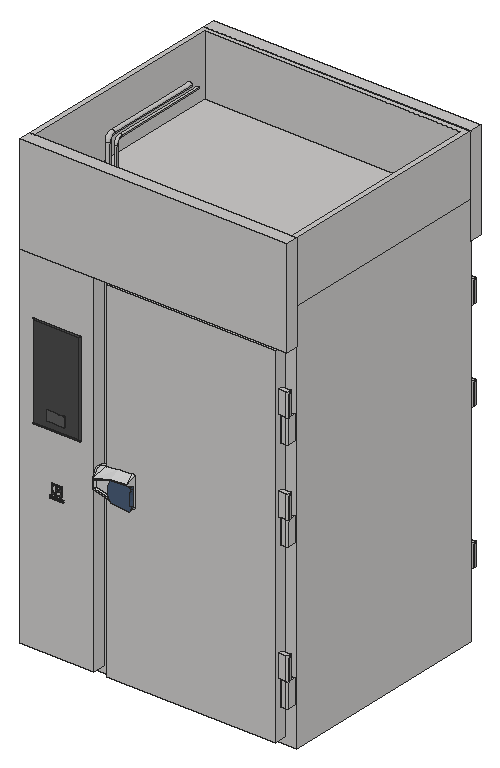
Revit family "QF_ELECTROLUXPROFESSIONAL_727749_EBFA22RPE", category Specialty Equipment, Revit 2018 (continued)
Automatic sketch dimensions
  curve 79 to plane 3 "RIGHT" = 25 mm
  plane 3 "RIGHT" to curve 74 = 39 mm
  plane 3 "RIGHT" to curve 43 = 39 mm
  plane 3 "RIGHT" to curve 71 = 50 mm
  curve 42 to curve 40 = 11 mm
  curve 74 to curve 76 = 21 mm
  curve 42 to curve 44 = 21 mm
  curve 39 to plane 7 = 23 mm
  curve 47 to plane 7 = 57 mm
  curve 47 to curve 45 = 52.711 mm
  curve 45 to curve 41 = 95.289 mm
  curve 42 to curve 42 = 23.874 mm
  curve 42 to curve 44 = 1.937 mm
  curve 37 to curve 38 = 10 mm
  curve 36 to curve 35 = 20 mm
  curve 48 to plane 4 "FRONT" = 26.348 mm
  curve 12 to plane 4 "FRONT" = 313.032 mm
  curve 11 to curve 5 = 4.241 mm
  curve 5 to curve 4 = 0.785 mm
  curve 10 to curve 10 = 10 mm
  curve 16 to curve 15 = 4.974 mm
  curve 6 to plane 9 = 232 mm
  curve 5 to curve 4 = 0.032 mm
  plane 8 "BACK" to curve 25 = 93.807 mm
  curve 25 to curve 21 = 27.807 mm
  plane 8 "BACK" to curve 67 = 26.348 mm
  curve 64 to curve 61 = 10 mm
  curve 66 to curve 65 = 10 mm
  curve 76 to plane 8 "BACK" = 719.189 mm
  curve 75 to curve 75 = 1.937 mm
  curve 74 to curve 72 = 23.874 mm
  curve 72 to curve 77 = 95.289 mm
  curve 77 to curve 79 = 52.711 mm
  curve 78 to curve 71 = 34 mm
  curve 71 to curve 71 = 23 mm
  curve 30 to curve 29 = 8 mm
  curve 29 to curve 31 = 8 mm
  curve 32 to curve 32 = 23 mm
  curve 60 to curve 60 = 23 mm
  plane 8 "BACK" to curve 2 = 0.759 mm
  plane 3 "RIGHT" to curve 2 = 100 mm
  curve 2 to plane 4 "FRONT" = 0.759 mm
  curve 48 to curve 28 = 39.652 mm
  curve 4 to curve 20 = 19.974 mm
  curve 78 to curve 68 = 0 mm
  Extrusion 32 to Extrusion 12 sketch curve = 50.191 mm
  Extrusion 32 to Extrusion 12 sketch curve = 190.294 mm
  radius of Extrusion 13 sketch curve = 12.7 mm
  radius of Sweep 14 sketch curve = 11 mm
  radius of Sweep 15 sketch curve = 6 mm
  radius of Blend 17 sketch curve to Extrusion 11 = 0 mm  (x3)
  radius of Blend 18 sketch curve to Blend 17 = 5 mm  (x3)
  radius of Blend 18 sketch curve to Blend 17 = 10 mm  (x3)
  radius of Blend 18 to Blend 19 sketch curve = 10 mm  (x2)
  radius of Blend 19 sketch curve to Blend 18 = 0 mm  (x2)
  radius of Blend 26 sketch curve to Extrusion 25 = 0 mm  (x3)
  radius of Blend 27 sketch curve to Blend 26 = 5 mm  (x3)
  radius of Blend 27 sketch curve to Blend 26 = 10 mm  (x3)
  radius of Blend 27 to Blend 28 sketch curve = 10 mm  (x2)
  radius of Blend 28 sketch curve to Blend 27 = 0 mm  (x2)
  radius of Blend 35 sketch curve to Extrusion 34 = 0 mm  (x3)
  radius of Blend 36 sketch curve to Blend 35 = 5 mm  (x3)
  radius of Blend 36 sketch curve to Blend 35 = 10 mm  (x3)
  radius of Blend 36 to Blend 37 sketch curve = 10 mm  (x2)
  radius of Blend 37 sketch curve to Blend 36 = 0 mm  (x2)
  radius of Blend 42 sketch curve to Extrusion 41 = 0 mm  (x3)
  radius of Blend 43 sketch curve to Blend 42 = 5 mm  (x3)
  radius of Blend 43 sketch curve to Blend 42 = 10 mm  (x3)
  radius of Blend 43 to Blend 44 sketch curve = 10 mm  (x2)
  radius of Blend 44 sketch curve to Blend 43 = 0 mm  (x2)
  radius of Extrusion 12 sketch curve = 10 mm
Nested families
  nested 1: "ELX_Touch" at (194.5, -1205, 1338.103) x (1, 0, 0) z (0, -1, 0), type "ELX_Touch"
  nested 2: "ELX_Logo_S_New" at (194.5, -1205, 779.103) x (1, 0, 0) z (0, -1, 0), visible <- "Show Logo", type "ELX_Logo_S_New"
    with M QF_Finishes_Black
  nested 3: "ELX_Logo_Symbol" at (194.5, -1205, 819.103) x (1, 0, 0) z (0, -1, 0), visible <- "Show Logo", type "ELX_Logo_Symbol"
    with M QF_Finishes_Black
Connectors
  piping at (271, -895, 110), diameter 25.4
    settings: on Extrusion 13, index 5, connector inside diameter 24", connector length 0 mm, flow factor 0, pipe flow 0 GPM, pressure drop 0.00 psi, fitting loss kfactor 0, connector angle 0.00°, fixture units 0, engagement length 0 mm, angle of deflection 0.00°, flow configuration 1, flow direction 2, fitting loss method 0, system type 16, joint type 0, gender type 0, connector reference index -1, connector utility 0, adjustable connector no, is connector primary yes, connector description "Drain"
  electrical at (50.191, 65, 2209.706), driven by "Volts"
    settings: on Extrusion 12, index 6, voltage 380 V, apparent load 0 VA, apparent load phase1 0 VA, apparent load phase2 0 VA, apparent load phase3 0 VA, power factor 1, load classification "Altro", number of poles 1, system type 30, power factor state 1, is connector primary yes, connector utility no, sub classification motor no, connector description "Electrical Connection"
  piping at (239, -337, 2344), diameter 12
    settings: on Sweep 15, index 7, connector inside diameter 24", connector length 0 mm, flow factor 0, pipe flow 0 GPM, pressure drop 0.00 psi, fitting loss kfactor 0, connector angle 0.00°, fixture units 0, engagement length 0 mm, angle of deflection 0.00°, flow configuration 1, flow direction 1, fitting loss method 0, system type 8, joint type 0, gender type 0, connector reference index -1, connector utility 0, adjustable connector no, is connector primary no, connector description "Refrigerant Outlet"
  piping at (196, -337, 2344), diameter 22
    settings: on Sweep 14, index 8, connector inside diameter 24", connector length 0 mm, flow factor 0, pipe flow 0 GPM, pressure drop 0.00 psi, fitting loss kfactor 0, connector angle 0.00°, fixture units 0, engagement length 0 mm, angle of deflection 0.00°, flow configuration 1, flow direction 1, fitting loss method 0, system type 7, joint type 0, gender type 0, connector reference index -1, connector utility 0, adjustable connector no, is connector primary no, connector description "Refrigerant Inlet"
Definition of nested family "ELX_Touch"
  Parameters
    Default Elevation = 1219.2 mm
  Reference planes
    plane 1 "Centro (Fronte/Retro)": y = 0
    plane 2: z = 0
    plane 3 "Centro (Sinistra/Destra)": x = 0
  Forms (mm)
    Extrusion 1, solid
      sketch origin (0, 0, 0) x (1, 0, 0) y (0, 1, 0)
        loop
          line (-1219.2, 1219.2) -> (-1219.2, -1219.2) -> (1219.2, -1219.2) -> (1219.2, 1219.2) -> (-1219.2, 1219.2)
      from 0 to -304.8
    Extrusion 2, solid
      sketch origin (0, 0, 5) x (1, 0, 0) y (0, 1, 0)
        loop
          line (-47, -160) -> (-47, -202)
          arc (-47, -202) -> (-45.536, -205.535) -> (-42, -207) r 5
          line (-42, -207) -> (42, -207)
          arc (42, -207) -> (45.536, -205.535) -> (47, -202) r 5
          line (47, -202) -> (47, -160)
          arc (47, -160) -> (45.536, -156.465) -> (42, -155) r 5
          line (42, -155) -> (-42, -155)
          arc (-42, -155) -> (-45.536, -156.465) -> (-47, -160) r 5
      from 0 to 2
    Blend 3, solid
      base sketch origin (0, 0, 0) x (1, 0, 0) y (0, 1, 0)
        loop
          line (-127, 244) -> (-127, -244)
          arc (-127, -244) -> (-125.536, -247.536) -> (-122, -249) r 5
          line (-122, -249) -> (122, -249)
          arc (122, -249) -> (125.536, -247.536) -> (127, -244) r 5
          line (127, -244) -> (127, 244)
          arc (127, 244) -> (125.536, 247.536) -> (122, 249) r 5
          line (122, 249) -> (-122, 249)
          arc (-122, 249) -> (-125.536, 247.536) -> (-127, 244) r 5
      top sketch origin (0, 0, 0) x (1, 0, 0) y (0, 1, 0)
        loop
          line (-119, -241) -> (119, -241) -> (119, 241) -> (-119, 241) -> (-119, -241)
      from 0 to 5
  Lines and regions (mm)
    Split face 1
      outline origin (0, 0, 5) x (1, 0, 0) y (0, 1, 0)
        loop
          line (-70.506, 46.167) -> (70.506, 46.167) -> (70.506, 214.829) -> (-70.506, 214.829) -> (-70.506, 46.167)
    Split face 2
      outline origin (0, 0, 5) x (1, 0, 0) y (0, 1, 0)
        loop
          line (-47.467, 50.825) -> (47.467, 50.825) -> (47.467, 210.171) -> (-47.467, 210.171) -> (-47.467, 50.825)
    Split face 3
      outline origin (0, 0, 5) x (1, 0, 0) y (0, 1, 0)
        loop
          line (-70.521, -215.33) -> (70.521, -215.33) -> (70.521, -146.67) -> (-70.521, -146.67) -> (-70.521, -215.33)
    Split face 4
      outline origin (0, 0, 5) x (1, 0, 0) y (0, 1, 0)
        loop
          line (-119, 201.163) -> (-70.506, 201.163)
        loop
          line (70.506, 201.163) -> (119, 201.163)
        loop
          line (70.521, -200.849) -> (119, -200.849)
        loop
          line (-119, -200.849) -> (-70.521, -200.849)
  Dimensions and locks
    aligned and locked: plane 2 to Extrusion 1
    aligned and locked: level to Extrusion 1
Definition of nested family "ELX_Logo_S_New"
  Parameters
    Default Elevation = 0 mm
    M [instance] = none
  Reference planes
    plane 1 "Centro (Fronte/Retro)": y = 0
    plane 2: z = 0
    plane 3 "Centro (Sinistra/Destra)": x = 0
  Forms (mm)
    Extrusion 1, solid
      sketch origin (0, 0, 0) x (1, 0, 0) y (0, 1, 0)
        loop
          line (-1219.2, 1219.2) -> (-1219.2, -1219.2) -> (1219.2, -1219.2) -> (1219.2, 1219.2) -> (-1219.2, 1219.2)
      from 0 to -304.8
    Extrusion 2, solid, material <- "M"
      sketch origin (0, 0, 0) x (1, 0, 0) y (0, 1, 0)
        loop
          spline (-32.537, -4.135) -> (-32.702, -4.128) -> (-32.877, -4.105) -> (-33.059, -4.064) -> (-33.242, -4.002) -> (-33.422, -3.916) -> (-33.593, -3.803) -> (-33.751, -3.66) -> (-33.891, -3.486) -> (-34.008, -3.276) -> (-34.098, -3.029) -> (-34.155, -2.741) -> (-34.176, -2.41)
          line (-34.176, -2.41) -> (-34.176, -0.943) -> (-29.331, -0.943) -> (-29.331, 0.928) -> (-34.176, 0.928) -> (-34.176, 3.652) -> (-29.023, 3.652) -> (-29.023, 5.518) -> (-36.159, 5.518) -> (-36.159, -2.326)
          spline (-36.159, -2.326) -> (-36.142, -2.808) -> (-36.088, -3.263) -> (-35.996, -3.688) -> (-35.867, -4.083) -> (-35.698, -4.445) -> (-35.489, -4.773) -> (-35.239, -5.066) -> (-34.946, -5.322) -> (-34.61, -5.539) -> (-34.23, -5.716) -> (-33.804, -5.851) -> (-33.332, -5.943)
          line (-33.332, -5.943) -> (-32.554, -5.999) -> (-28.885, -5.999) -> (-28.885, -4.135) -> (-32.537, -4.135)
        loop
          line (-27.476, 0.076) -> (-27.476, -6.002) -> (-25.492, -6.002) -> (-25.492, 5.521) -> (-27.476, 5.521) -> (-27.476, 0.076)
        loop
          spline (-15.702, -2.321) -> (-15.689, -1.697) -> (-15.749, -1.094) -> (-15.879, -0.516) -> (-16.078, 0.029) -> (-16.341, 0.538) -> (-16.668, 1.004) -> (-17.055, 1.422) -> (-17.5, 1.786) -> (-17.999, 2.091) -> (-18.552, 2.331) -> (-19.154, 2.5) -> (-19.804, 2.594)
          spline (-19.804, 2.594) -> (-20.422, 2.558) -> (-21.009, 2.453) -> (-21.56, 2.28) -> (-22.072, 2.042) -> (-22.54, 1.743) -> (-22.96, 1.385) -> (-23.327, 0.97) -> (-23.638, 0.502) -> (-23.887, -0.018) -> (-24.07, -0.586) -> (-24.183, -1.2) -> (-24.222, -1.857)
          spline (-24.222, -1.857) -> (-24.184, -2.498) -> (-24.074, -3.097) -> (-23.895, -3.652) -> (-23.651, -4.16) -> (-23.344, -4.618) -> (-22.979, -5.023) -> (-22.559, -5.374) -> (-22.087, -5.667) -> (-21.567, -5.899) -> (-21.003, -6.068) -> (-20.397, -6.172) -> (-19.754, -6.207)
          spline (-19.754, -6.207) -> (-19.44, -6.2) -> (-19.13, -6.176) -> (-18.823, -6.135) -> (-18.52, -6.074) -> (-18.221, -5.993) -> (-17.925, -5.89) -> (-17.634, -5.762) -> (-17.346, -5.609) -> (-17.062, -5.43) -> (-16.782, -5.221) -> (-16.506, -4.983) -> (-16.234, -4.713)
          line (-16.234, -4.713) -> (-17.429, -3.55)
          spline (-17.429, -3.55) -> (-17.587, -3.702) -> (-17.745, -3.841) -> (-17.906, -3.967) -> (-18.07, -4.08) -> (-18.239, -4.181) -> (-18.415, -4.268) -> (-18.599, -4.343) -> (-18.792, -4.404) -> (-18.996, -4.452) -> (-19.213, -4.486) -> (-19.443, -4.506) -> (-19.688, -4.513)
          spline (-19.688, -4.513) -> (-20.047, -4.496) -> (-20.383, -4.443) -> (-20.696, -4.358) -> (-20.984, -4.24) -> (-21.246, -4.092) -> (-21.479, -3.915) -> (-21.683, -3.711) -> (-21.856, -3.48) -> (-21.997, -3.224) -> (-22.104, -2.945) -> (-22.176, -2.643) -> (-22.212, -2.321)
          line (-22.212, -2.321) -> (-15.702, -2.321)
        loop
          spline (-17.695, -0.926) -> (-17.714, -0.681) -> (-17.771, -0.445) -> (-17.861, -0.221) -> (-17.984, -0.01) -> (-18.135, 0.184) -> (-18.314, 0.36) -> (-18.516, 0.516) -> (-18.741, 0.648) -> (-18.984, 0.755) -> (-19.244, 0.834) -> (-19.518, 0.883) -> (-19.804, 0.9)
          spline (-19.804, 0.9) -> (-20.11, 0.884) -> (-20.405, 0.835) -> (-20.686, 0.757) -> (-20.95, 0.652) -> (-21.195, 0.521) -> (-21.419, 0.367) -> (-21.618, 0.192) -> (-21.79, -0.003) -> (-21.934, -0.214) -> (-22.045, -0.439) -> (-22.122, -0.678) -> (-22.162, -0.926)
          line (-22.162, -0.926) -> (-17.695, -0.926)
        loop
          spline (-12.669, -1.807) -> (-12.646, -1.438) -> (-12.58, -1.088) -> (-12.472, -0.759) -> (-12.326, -0.455) -> (-12.145, -0.177) -> (-11.93, 0.072) -> (-11.685, 0.289) -> (-11.412, 0.473) -> (-11.114, 0.62) -> (-10.793, 0.728) -> (-10.453, 0.794) -> (-10.095, 0.817)
          spline (-10.095, 0.817) -> (-9.876, 0.81) -> (-9.665, 0.79) -> (-9.464, 0.756) -> (-9.271, 0.709) -> (-9.086, 0.65) -> (-8.908, 0.578) -> (-8.737, 0.495) -> (-8.572, 0.399) -> (-8.414, 0.292) -> (-8.261, 0.173) -> (-8.113, 0.044) -> (-7.969, -0.096)
          line (-7.969, -0.096) -> (-6.741, 1.183)
          spline (-6.741, 1.183) -> (-6.985, 1.427) -> (-7.237, 1.647) -> (-7.496, 1.843) -> (-7.762, 2.015) -> (-8.034, 2.164) -> (-8.312, 2.291) -> (-8.596, 2.397) -> (-8.886, 2.482) -> (-9.181, 2.546) -> (-9.481, 2.592) -> (-9.786, 2.619) -> (-10.095, 2.627)
          spline (-10.095, 2.627) -> (-10.715, 2.589) -> (-11.308, 2.476) -> (-11.871, 2.294) -> (-12.396, 2.046) -> (-12.88, 1.736) -> (-13.316, 1.369) -> (-13.7, 0.949) -> (-14.026, 0.48) -> (-14.289, -0.035) -> (-14.483, -0.59) -> (-14.604, -1.182) -> (-14.645, -1.807)
          spline (-14.645, -1.807) -> (-14.604, -2.431) -> (-14.483, -3.023) -> (-14.289, -3.578) -> (-14.026, -4.093) -> (-13.7, -4.562) -> (-13.316, -4.983) -> (-12.88, -5.35) -> (-12.396, -5.659) -> (-11.871, -5.907) -> (-11.308, -6.09) -> (-10.715, -6.202) -> (-10.095, -6.24)
          spline (-10.095, -6.24) -> (-9.786, -6.232) -> (-9.481, -6.205) -> (-9.181, -6.16) -> (-8.886, -6.095) -> (-8.596, -6.01) -> (-8.312, -5.904) -> (-8.034, -5.777) -> (-7.762, -5.628) -> (-7.496, -5.456) -> (-7.237, -5.26) -> (-6.985, -5.04) -> (-6.741, -4.796)
          line (-6.741, -4.796) -> (-7.969, -3.517)
          spline (-7.969, -3.517) -> (-8.113, -3.657) -> (-8.261, -3.786) -> (-8.414, -3.905) -> (-8.572, -4.012) -> (-8.737, -4.108) -> (-8.908, -4.192) -> (-9.086, -4.263) -> (-9.271, -4.323) -> (-9.464, -4.369) -> (-9.665, -4.403) -> (-9.876, -4.423) -> (-10.095, -4.43)
          spline (-10.095, -4.43) -> (-10.453, -4.408) -> (-10.793, -4.341) -> (-11.114, -4.233) -> (-11.412, -4.086) -> (-11.685, -3.902) -> (-11.93, -3.685) -> (-12.145, -3.436) -> (-12.326, -3.158) -> (-12.472, -2.854) -> (-12.58, -2.526) -> (-12.646, -2.176) -> (-12.669, -1.807)
        loop
          spline (-1.683, -4.138) -> (-1.858, -4.14) -> (-2.045, -4.127) -> (-2.24, -4.095) -> (-2.438, -4.04) -> (-2.633, -3.959) -> (-2.822, -3.85) -> (-2.998, -3.709) -> (-3.157, -3.533) -> (-3.294, -3.318) -> (-3.404, -3.061) -> (-3.483, -2.76) -> (-3.524, -2.411)
          line (-3.524, -2.411) -> (-3.524, 0.529) -> (-1.72, 0.529) -> (-1.72, 2.331) -> (-3.522, 2.331) -> (-3.522, 5.521) -> (-5.506, 5.521) -> (-5.506, -2.523)
          spline (-5.506, -2.523) -> (-5.463, -2.99) -> (-5.386, -3.429) -> (-5.274, -3.839) -> (-5.126, -4.218) -> (-4.941, -4.564) -> (-4.717, -4.877) -> (-4.455, -5.155) -> (-4.153, -5.396) -> (-3.81, -5.599) -> (-3.425, -5.762) -> (-2.998, -5.884) -> (-2.528, -5.964)
          line (-2.528, -5.964) -> (-1.69, -6.002) -> (-1.683, -4.138)
        loop
          spline (4.991, 2.446) -> (4.648, 2.468) -> (4.318, 2.461) -> (4.001, 2.429) -> (3.699, 2.371) -> (3.413, 2.288) -> (3.142, 2.182) -> (2.89, 2.052) -> (2.655, 1.901) -> (2.439, 1.728) -> (2.244, 1.535) -> (2.069, 1.322) -> (1.917, 1.091)
          line (1.917, 1.091) -> (1.917, 2.33) -> (-0.051, 2.33) -> (-0.051, -6.002) -> (1.917, -6.002) -> (1.917, -1.621)
          spline (1.917, -1.621) -> (1.935, -1.288) -> (1.988, -0.979) -> (2.075, -0.693) -> (2.195, -0.432) -> (2.345, -0.197) -> (2.526, 0.01) -> (2.736, 0.189) -> (2.972, 0.338) -> (3.235, 0.456) -> (3.522, 0.541) -> (3.832, 0.594) -> (4.165, 0.611)
          line (4.165, 0.611) -> (4.991, 0.529) -> (4.991, 2.446)
        loop
          spline (14.388, -1.836) -> (14.347, -1.224) -> (14.226, -0.642) -> (14.031, -0.093) -> (13.768, 0.418) -> (13.441, 0.887) -> (13.057, 1.308) -> (12.621, 1.677) -> (12.137, 1.989) -> (11.612, 2.24) -> (11.051, 2.425) -> (10.459, 2.539) -> (9.842, 2.578)
          spline (9.842, 2.578) -> (9.221, 2.539) -> (8.627, 2.425) -> (8.064, 2.24) -> (7.539, 1.989) -> (7.056, 1.677) -> (6.62, 1.308) -> (6.237, 0.887) -> (5.912, 0.418) -> (5.65, -0.093) -> (5.456, -0.642) -> (5.336, -1.224) -> (5.295, -1.836)
          spline (5.295, -1.836) -> (5.336, -2.447) -> (5.456, -3.029) -> (5.65, -3.578) -> (5.912, -4.089) -> (6.237, -4.558) -> (6.62, -4.979) -> (7.056, -5.348) -> (7.539, -5.66) -> (8.064, -5.911) -> (8.627, -6.096) -> (9.221, -6.211) -> (9.842, -6.25)
          spline (9.842, -6.25) -> (10.459, -6.211) -> (11.051, -6.096) -> (11.612, -5.911) -> (12.137, -5.66) -> (12.621, -5.348) -> (13.057, -4.979) -> (13.441, -4.558) -> (13.768, -4.089) -> (14.031, -3.578) -> (14.226, -3.029) -> (14.347, -2.447) -> (14.388, -1.836)
        loop
          spline (12.42, -1.836) -> (12.397, -1.475) -> (12.33, -1.131) -> (12.222, -0.807) -> (12.075, -0.504) -> (11.893, -0.227) -> (11.677, 0.022) -> (11.431, 0.241) -> (11.157, 0.426) -> (10.859, 0.575) -> (10.538, 0.685) -> (10.198, 0.753) -> (9.842, 0.777)
          spline (9.842, 0.777) -> (9.482, 0.753) -> (9.14, 0.685) -> (8.818, 0.575) -> (8.519, 0.426) -> (8.246, 0.241) -> (8.001, 0.022) -> (7.786, -0.227) -> (7.605, -0.504) -> (7.459, -0.807) -> (7.352, -1.131) -> (7.286, -1.475) -> (7.263, -1.836)
          spline (7.263, -1.836) -> (7.286, -2.196) -> (7.352, -2.54) -> (7.459, -2.865) -> (7.605, -3.167) -> (7.786, -3.444) -> (8.001, -3.694) -> (8.246, -3.912) -> (8.519, -4.098) -> (8.818, -4.247) -> (9.14, -4.357) -> (9.482, -4.425) -> (9.842, -4.448)
          spline (9.842, -4.448) -> (10.198, -4.425) -> (10.538, -4.357) -> (10.859, -4.247) -> (11.157, -4.098) -> (11.431, -3.912) -> (11.677, -3.694) -> (11.893, -3.444) -> (12.075, -3.167) -> (12.222, -2.865) -> (12.33, -2.54) -> (12.397, -2.196) -> (12.42, -1.836)
        loop
          line (15.608, 0.275) -> (15.608, -6.002) -> (17.593, -6.002) -> (17.593, 5.521) -> (15.608, 5.521) -> (15.608, 0.275)
        loop
          line (24.747, 2.33) -> (24.747, -2.513)
          spline (24.747, -2.513) -> (24.731, -2.828) -> (24.685, -3.112) -> (24.61, -3.366) -> (24.507, -3.59) -> (24.38, -3.785) -> (24.229, -3.952) -> (24.056, -4.091) -> (23.863, -4.203) -> (23.652, -4.29) -> (23.425, -4.35) -> (23.183, -4.386) -> (22.928, -4.398)
          spline (22.928, -4.398) -> (22.674, -4.386) -> (22.432, -4.35) -> (22.205, -4.29) -> (21.994, -4.204) -> (21.802, -4.092) -> (21.629, -3.954) -> (21.478, -3.788) -> (21.35, -3.595) -> (21.248, -3.373) -> (21.173, -3.122) -> (21.126, -2.841) -> (21.11, -2.53)
          line (21.11, -2.53) -> (21.11, 2.33) -> (19.11, 2.33) -> (19.11, -2.696)
          spline (19.11, -2.696) -> (19.145, -3.265) -> (19.248, -3.783) -> (19.413, -4.25) -> (19.636, -4.667) -> (19.912, -5.033) -> (20.236, -5.349) -> (20.603, -5.616) -> (21.008, -5.833) -> (21.446, -6.001) -> (21.913, -6.121) -> (22.403, -6.193) -> (22.912, -6.217)
          spline (22.912, -6.217) -> (23.425, -6.193) -> (23.92, -6.12) -> (24.39, -5.998) -> (24.832, -5.828) -> (25.241, -5.607) -> (25.611, -5.337) -> (25.937, -5.016) -> (26.216, -4.645) -> (26.441, -4.222) -> (26.608, -3.749) -> (26.711, -3.223) -> (26.747, -2.646)
          line (26.747, -2.646) -> (26.747, 2.33) -> (24.747, 2.33)
        loop
          line (34.253, -3.337) -> (33.002, -1.588) -> (34.551, 0.523) -> (35.878, 2.33) -> (33.713, 2.33) -> (31.91, -0.166) -> (30.092, 2.33) -> (27.943, 2.33) -> (29.175, 0.645) -> (30.82, -1.604) -> (29.096, -4.004) -> (27.662, -6.002) -> (29.794, -6.002) -> (31.91, -3.059) -> (34.027, -6.002) -> (36.159, -6.002) -> (34.253, -3.337)
      from 0 to 1.644
  Dimensions and locks
    aligned and locked: plane 2 to Extrusion 1
    aligned and locked: level to Extrusion 1
Definition of nested family "ELX_Logo_Symbol"
  Parameters
    Default Elevation = 0 mm
    M [instance] = none
  Reference planes
    plane 1 "Centro (Fronte/Retro)": y = 0
    plane 2: z = 0
    plane 3 "Centro (Sinistra/Destra)": x = 0
  Forms (mm)
    Extrusion 1, solid
      sketch origin (0, 0, 0) x (1, 0, 0) y (0, 1, 0)
        loop
          line (-1219.2, 1219.2) -> (-1219.2, -1219.2) -> (1219.2, -1219.2) -> (1219.2, 1219.2) -> (-1219.2, 1219.2)
      from 0 to -304.8
    Extrusion 2, solid, material <- "M"
      sketch origin (94.462, 558.781, 0) x (1, 0, 0) y (0, 1, 0)
        loop
          line (-101.645, -583.129) -> (-101.645, -534.543)
          arc (-101.645, -534.543) -> (-119.606, -558.836) -> (-101.645, -583.129) r 25.41
        loop
          arc (-99.174, -583.129) -> (-78.968, -578.537) -> (-69.233, -560.244) r 24.902
          line (-69.233, -560.244) -> (-77.271, -560.244)
          arc (-77.271, -560.244) -> (-91.631, -566.073) -> (-99.174, -579.611) r 23.341
          line (-99.174, -579.611) -> (-99.174, -583.129)
        loop
          arc (-99.174, -538.061) -> (-91.631, -551.599) -> (-77.271, -557.427) r 23.341
          line (-77.271, -557.427) -> (-69.233, -557.427)
          arc (-69.233, -557.427) -> (-78.952, -538.984) -> (-99.174, -533.918) r 25.553
          line (-99.174, -533.918) -> (-99.174, -538.061)
        loop
          line (-67.388, -585.781) -> (-67.388, -531.781) -> (-121.462, -531.781) -> (-121.462, -585.781) -> (-67.388, -585.781)
      from 0 to 1.644
  Dimensions and locks
    aligned and locked: plane 2 to Extrusion 1
    aligned and locked: level to Extrusion 1
